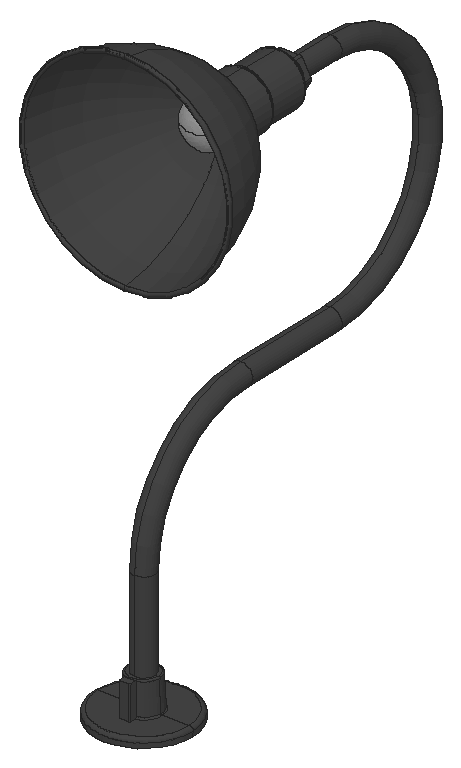
Revit family "BLE-G-DBW-G32-E26", category Lighting Fixtures, host Face, Revit 2022
Family settings
  Host = Face
  Round Connector Dimension = Use Diameter
  Part Type = Normal
  Cut with Voids When Loaded = No
  Light Source = Yes
  Maintain Annotation Orientation = No
  Shared = No
  Room Calculation Point = No
Parameters (values of type "10"")
  Wattage = 5.72229 W
  built-in parameter 1150110 = 1 (stored number, unit not read)
  built-in parameter 1114217 = 1 (stored number, unit not read)
  Tilt Angle = 0.00°
  built-in parameter 1150109 = 1 (stored number, unit not read)
  built-in parameter 1150134 = (empty or 0)
  built-in parameter 1150113 = 1 (stored number, unit not read)
  Gooseneck Material = 100 - Black
  Shade Material = 100 - Black
  Photometric Web File = "generic"
  built-in parameter 1150142 = (empty or 0)
  built-in parameter 1150105 = 67.641 (stored number, unit not read)
  Lumens = 850 lm
  built-in parameter 1150115 = 1 (stored number, unit not read)
  built-in parameter 1150137 = (empty or 0)
  built-in parameter 1150139 = (empty or 0)
  built-in parameter 1150112 = 1 (stored number, unit not read)
  built-in parameter 1150114 = 1 (stored number, unit not read)
  built-in parameter 1150132 = 2
  built-in parameter 1150102 = (empty or 0)
  built-in parameter 1150107 = 3000 (stored number, unit not read)
  built-in parameter 1150138 = (empty or 0)
  built-in parameter 1150106 = 0.67641 (stored number, unit not read)
  built-in parameter 1150104 = 13.8 (stored number, unit not read)
  20" = no
  Dimming Lamp Color Temperature Shift = <None>
  Default Elevation = 4' - 0"
  Color Filter = 16777215
  Base Material = 100 - Black
  built-in parameter 1114218 = 1 (stored number, unit not read)
  built-in parameter 1150133 = 10 (stored number, unit not read)
  16" = no
  14" = no
  12" = no
  10" = yes
Types (6): name | 20" | 16" | 14" | 12" | 10"
  (no name) | no | no | no | no | yes
  12" | no | no | no | yes | no
  14" | no | no | yes | no | no
  16" | no | yes | no | no | no
  10" | no | no | no | no | yes
  20" | yes | no | no | no | no
Reference planes (in)
  plane 1 "Center (Front/Back)": y = 0
  plane 2: z = 0
  plane 3 "Center (Left/Right)": x = 0
Lines and regions (in)
  reference lines
    curve 1: line (0, 32, 0) -> (0, -36, 0)
    curve 2: line (-33.11947, 0, 0) -> (37.88053, 0, 0)
Dimensions and locks (in)
  locked: imposter light to plane 1 "Center (Front/Back)" at 4
  aligned and locked: plane 2 to host face
  aligned and locked: level to host face
  aligned and locked: plane 3 "Center (Left/Right)" to nested 1
  aligned and locked: plane 1 "Center (Front/Back)" to nested 1
  aligned and locked: nested 4 to imposter light
  aligned and locked: imposter light to nested 6  (x2)
  aligned and locked: nested 7 to nested 3
  aligned and locked: imposter light to plane 3 "Center (Left/Right)"
  aligned and locked: plane 1 "Center (Front/Back)" to nested 2
  aligned and locked: imposter light to nested 7
  aligned and locked: nested 3 to plane 3 "Center (Left/Right)"
  aligned and locked: nested 3 to nested 5
  aligned and locked: imposter light to nested 3
Nested families (in)
  nested 1: "WBP-7501" at (0, 0, 0), type "WBP-7501"
  nested 2: "G32" at (0, 0, 1.975), type "GNK-5011"
  nested 3: "DBW Shade" at (0, 7.96401, 23.47354) x (0, 0, -1) z (0, -1, 0), type "DBW Shade"
    with 24" no, 20" no, 16" no, 14" no, 12" no
  nested 4: "103264" at (0, -3.60156, 23.47354) x (0, 0, -1) z (0, -1, 0), type "103264"
    with Heat Sink 9" no
  nested 5: "CPL-0004" at (0, 8.61419, 23.47354) x (1, 0, 0) z (0, -1, 0), type "CPL-0004"
  nested 6: "E26 Socket Assy" at (0, 7.92495, 23.47354) x (0, 0, -1) z (0, -1, 0), type "E26 Socket Assy"
  nested 7: "E26 Bulb" at (0, 5.66996, 23.47354) x (1, 0, 0) z (0, -1, 0), type "E26 Bulb"
Connectors (in)
  electrical at (0, 0, 0)
    settings: index 1, voltage 0 V, apparent load 0 VA, apparent load phase1 0 VA, apparent load phase2 0 VA, apparent load phase3 0 VA, power factor 1, load classification "Other", number of poles 1, system type 31, power factor state 1, is connector primary yes, connector utility no, sub classification motor no, connector description ""
Definition of nested family "WBP-7501"
  Parameters (values of type "WBP-7501")
    Default Elevation = 3' - 0"
    Base Material = none
  Reference planes (in)
    plane 1 "Center (Front/Back)": y = 0
    plane 2: z = 0
    plane 3 "Center (Left/Right)": x = 0
    plane 4 "Base Dia": x = -2.325
    plane 5 "Base Height": z = 0.4
    plane 6 "Fillet Radius": z = 0.225
    plane 7: z = 0.458
    plane 8: x = -0.87
    plane 9: x = -0.81
    plane 10: x = -0.76
    plane 11: z = 1.917
    plane 12: z = 1.975
    plane 13: x = -0.7
    plane 14: x = -0.2595
    plane 15: x = 0.2595
    plane 16: y = -1.135
  Forms (in)
    Extrusion 1, solid
      sketch origin (0, 0, 0) x (1, 0, 0) y (0, 1, 0)
        loop
          line (-48, 48) -> (-48, -48) -> (48, -48) -> (48, 48) -> (-48, 48)
      from 0 to -12
    Revolve 2, solid, material <- "Base Material"
      sketch origin (0, 0, 0) x (1, 0, 0) y (0, 0, 1)
        loop
          line (0, 0) -> (0, 1.975) -> (-0.7, 1.975)
          arc (-0.7, 1.975) -> (-0.74172, 1.95814) -> (-0.76, 1.91702) r 0.06003
          line (-0.76, 1.91702) -> (-0.81, 0.458)
          arc (-0.81, 0.458) -> (-0.82699, 0.41699) -> (-0.868, 0.4) r 0.058
          line (-0.868, 0.4) -> (-2.15, 0.4)
          arc (-2.15, 0.4) -> (-2.27374, 0.34874) -> (-2.325, 0.225) r 0.175
          line (-2.325, 0.225) -> (-2.325, 0) -> (0, 0)
        axis (0, 0) -> (0, 1.975)
      angle from 0 to 360
    Extrusion 3, solid, material <- "Base Material"
      sketch origin (0, 0, 0) x (1, 0, 0) y (0, 1, 0)
        loop
          line (-0.2595, -0.76731) -> (-0.2595, -1.075)
          arc (-0.2595, -1.075) -> (-0.24193, -1.11743) -> (-0.1995, -1.135) r 0.06
          line (-0.1995, -1.135) -> (0.1995, -1.135)
          arc (0.1995, -1.135) -> (0.24193, -1.11743) -> (0.2595, -1.075) r 0.06
          line (0.2595, -1.075) -> (0.2595, -0.76731)
          arc (0.2595, -0.76731) -> (0, -0.81) -> (-0.2595, -0.76731) r 0.81
      from 0 to 1.975
  Cuts and joins
    joined: Revolve 2, Extrusion 3
  Dimensions and locks (in)
    plane 4 "Base Dia" to plane 3 "Center (Left/Right)" = 0' - 2.325"
    locked: plane 5 "Base Height" to Extrusion 1 at 0.4
    locked: plane 3 "Center (Left/Right)" to plane 4 "Base Dia" at 2.325
    locked: plane 5 "Base Height" to plane 6 "Fillet Radius" at 0.175
    locked: plane 3 "Center (Left/Right)" to plane 9 at 0.81
    locked: plane 3 "Center (Left/Right)" to plane 8 at 0.87
    locked: plane 3 "Center (Left/Right)" to plane 10 at 0.76
    locked: plane 3 "Center (Left/Right)" to plane 13 at 0.7
    locked: plane 11 to plane 5 "Base Height" at 1.517
    locked: plane 12 to plane 5 "Base Height" at 1.575
    locked: plane 7 to plane 5 "Base Height" at 0.058
    locked: plane 14 to plane 3 "Center (Left/Right)" at 0.2595
    locked: plane 3 "Center (Left/Right)" to plane 15 at 0.2595
    locked: plane 16 to plane 1 "Center (Front/Back)" at 1.135
    radius of Revolve 2 sketch curve = 0' - 0.175"
    aligned and locked: plane 2 to Extrusion 1
    aligned and locked: level to Extrusion 1
    aligned and locked: Revolve 2 sketch curve to plane 5 "Base Height"
    aligned and locked: plane 9 to Revolve 2 sketch curve
    aligned and locked: plane 3 "Center (Left/Right)" to Revolve 2 sketch curve
    aligned and locked: plane 15 to Extrusion 3 sketch curve
    aligned and locked: Extrusion 3 sketch curve to plane 16
    aligned and locked: Extrusion 3 sketch curve to plane 14
  Automatic sketch dimensions
    Extrusion 1 sketch curve to Extrusion 1 sketch curve = 8' - 0"  (x2)
    Revolve 2 sketch curve to level = 0' - 0"
    Revolve 2 sketch curve to plane 4 "Base Dia" = 0' - 0"
    Revolve 2 sketch curve to plane 7 = 0' - 0"  (x2)
    plane 10 to Revolve 2 sketch curve = 0' - 0"
    Revolve 2 sketch curve to plane 12 = 0' - 0"
    Revolve 2 sketch curve to plane 13 = 0' - 0"
    Revolve 2 sketch curve to plane 3 "Center (Left/Right)" = 0' - 0"
    Revolve 2 sketch curve to Revolve 2 sketch curve = 0' - 0.22742"
    Revolve 2 sketch curve to Revolve 2 sketch curve = 0' - 1.76377"
    plane 1 "Center (Front/Back)" to Extrusion 3 sketch curve = 0' - 0"
    Extrusion 3 sketch curve to plane 3 "Center (Left/Right)" = 0' - 0"
    plane 14 to Extrusion 3 sketch curve = 0' - 0.06"
    Extrusion 3 sketch curve to plane 15 = 0' - 0.06"
    Extrusion 3 sketch curve to Extrusion 3 sketch curve = 0' - 0.30769"
Definition of nested family "G32"
  Parameters (values of type "G32")
    Gooseneck Material = none
    Default Elevation = 2' - 0"
  Reference planes (in)
    plane 1 "Center (Front/Back)": y = 0
    plane 2: z = -0.0015
    plane 3 "Center (Left/Right)": x = 0
    plane 4 "Wood Height": z = -0.0015
    plane 5: z = 21.49854
  Forms (in)
    Extrusion 1, solid
      sketch origin (0, 0, 0) x (1, 0, 0) y (0, 1, 0)
        loop
          line (-48, 48) -> (-48, -48) -> (48, -48) -> (48, 48) -> (-48, 48)
      from -0.0015 to -12
    Sweep 2, solid, material <- "Gooseneck Material"
      path origin (0, 0, 0) x (0, 1, 0) y (0, 0, 1)
        loop
          line (0, -0.0015) -> (0, 4.25066)
          arc (0, 4.25066) -> (1.68352, 8.31504) -> (5.74791, 9.99856) r 5.74791
          line (5.74791, 9.99856) -> (11.00097, 9.99856)
          arc (11.00097, 9.99856) -> (16.75096, 15.74855) -> (11.00097, 21.49854) r 5.74999
          line (11.00097, 21.49854) -> (8.61419, 21.49854)
      profile origin (0, 0, 2.12458) x (0, -1, 0) y (1, 0, 0)
        loop
          circle (0, 0) r 0.52676
  Dimensions and locks (in)
    aligned and locked: plane 2 to Extrusion 1
    aligned and locked: level to Extrusion 1
    aligned and locked: Extrusion 1 to plane 4 "Wood Height"
  Automatic sketch dimensions
    Extrusion 1 sketch curve to Extrusion 1 sketch curve = 8' - 0"  (x2)
    Sweep 2 sketch curve to plane 1 "Center (Front/Back)" = 0' - 0"
    Sweep 2 sketch curve to plane 2 = 0' - 0"
    Sweep 2 sketch curve to plane 1 "Center (Front/Back)" = 0' - 5.74791"
    Sweep 2 sketch curve to plane 1 "Center (Front/Back)" = 0' - 11.00097"
    level to Sweep 2 sketch curve = 0' - 4.25066"
    Sweep 2 sketch curve to Sweep 2 sketch curve = 0' - 5 3/4"
    Sweep 2 sketch curve to Sweep 2 sketch curve = 0' - 2.38678"
    Sweep 2 sketch curve to plane 3 "Center (Left/Right)" = 0' - 0"
    Sweep 2 sketch curve to profile plane = 0' - 0"
    radius of Sweep 2 sketch curve = 0' - 0.52676"
Definition of nested family "DBW Shade"
  Parameters (values of type "DBW Shade")
    Shade Material = none
    Default Elevation = 2' - 0"
    24" = yes
    20" = yes
    10" = yes
    16" = yes
    14" = yes
    12" = yes
  Reference planes (in)
    plane 1 "Center (Front/Back)": y = 0
    plane 2: z = 0
    plane 3 "Center (Left/Right)": x = 0
  Forms (in)
    Extrusion 1, solid
      sketch origin (0, 0, 0) x (1, 0, 0) y (0, 1, 0)
        loop
          line (-48, 48) -> (-48, -48) -> (48, -48) -> (48, 48) -> (-48, 48)
      from 0 to -12
  Dimensions and locks (in)
    aligned and locked: plane 2 to Extrusion 1
    aligned and locked: level to Extrusion 1
    aligned and locked: plane 1 "Center (Front/Back)" to nested 1
    aligned and locked: plane 3 "Center (Left/Right)" to nested 1
    aligned and locked: plane 3 "Center (Left/Right)" to nested 2
    aligned and locked: plane 1 "Center (Front/Back)" to nested 2
    aligned and locked: plane 1 "Center (Front/Back)" to nested 3
    aligned and locked: plane 3 "Center (Left/Right)" to nested 3
    aligned and locked: plane 1 "Center (Front/Back)" to nested 4
    aligned and locked: plane 1 "Center (Front/Back)" to nested 5
    aligned and locked: plane 3 "Center (Left/Right)" to nested 5
    aligned and locked: plane 3 "Center (Left/Right)" to nested 6
    aligned and locked: plane 1 "Center (Front/Back)" to nested 6
    aligned and locked: plane 3 "Center (Left/Right)" to nested 4
  Nested families (in)
    nested 1: "SHD-0028" at (0, 0, 0), visible <- "10"", type "SHD-0028"
    nested 2: "SHD-0029" at (0, 0, 0), visible <- "12"", type "SHD-0029"
    nested 3: "SHD-0114" at (0, 0, 0), visible <- "14"", type "SHD-0114"
    nested 4: "SHD-0115" at (0, 0, 0), visible <- "16"", type "SHD-0115"
    nested 5: "SHD-0308" at (0, 0, 0), visible <- "24"", type "SHD-0308"
    nested 6: "SHD-0223" at (0, 0, 0), visible <- "20"", type "SHD-0223"
  Definition of nested family "SHD-0028"
    Parameters (values of type "SHD-0028")
      Shade Material = none
      Default Elevation = 2' - 0"
    Reference planes (in)
      plane 1 "Center (Front/Back)": y = 0
      plane 2: z = 0
      plane 3 "Center (Left/Right)": x = 0
      plane 4 "Wood Height": z = 0
      plane 5 "Nut Radius": x = -1.03713
      plane 6 "Nut Flat": x = -0.861
      plane 7 "Shade Thickness": z = 0.04
      plane 8 "Lower Shade bottom": z = 9.109
      plane 9 "Lower Shade Outer Dia": x = -5
      plane 10 "Shade Top Dia": x = -1.20713
      plane 11 "Shade Middle Radius Height1": z = 1.965
      plane 12 "Shade Lower Diameter1": x = -1.44113
      plane 13 "Shade Top Radius": x = -1.29713
      plane 14 "Shade Middle Radious Height2": z = 2.105
      plane 15 "Shade Middle Radius Diameter2": x = -1.41363
      plane 16 "Lip Height": z = 9.029
      plane 17 "Bowl Start": z = 3.545
      plane 18: x = -4.85
      plane 19: z = 9.069
    Forms (in)
      Extrusion 1, solid
        sketch origin (0, 0, 0) x (1, 0, 0) y (0, 1, 0)
          loop
            line (-48, 48) -> (-48, -48) -> (48, -48) -> (48, 48) -> (-48, 48)
        from 0 to -12
      Revolve 2, solid, material <- "Shade Material"
        sketch origin (0, 0, 0) x (1, 0, 0) y (0, 0, 1)
          loop
            line (0, 0) -> (0, 0.03906) -> (-1.20713, 0.03906)
            arc (-1.20713, 0.03906) -> (-1.24314, 0.05398) -> (-1.25806, 0.09) r 0.05094
            line (-1.25806, 0.09) -> (-1.25806, 1.94384)
            arc (-1.25806, 1.94384) -> (-1.26409, 1.97759) -> (-1.28141, 2.00717) r 0.09757
            line (-1.28141, 2.00717) -> (-1.37456, 2.11635) -> (-1.37456, 3.48096)
            arc (-1.37456, 3.48096) -> (-1.39014, 3.54099) -> (-1.43295, 3.58588) r 0.12347
            arc (-1.43295, 3.58588) -> (-3.7536, 5.90437) -> (-4.80544, 9.01154) r 7.20294
            arc (-4.80544, 9.01154) -> (-4.99326, 9.04214) -> (-4.84504, 8.9228) r 0.09841
            line (-4.84504, 8.9228) -> (-4.86619, 8.95581)
            arc (-4.86619, 8.95581) -> (-4.95809, 9.02506) -> (-4.84432, 9.00777) r 0.05934
            arc (-4.84432, 9.00777) -> (-3.78678, 5.88375) -> (-1.45354, 3.55268) r 7.242
            arc (-1.45354, 3.55268) -> (-1.42428, 3.522) -> (-1.41363, 3.48096) r 0.0844
            line (-1.41363, 3.48096) -> (-1.41363, 2.13147)
            arc (-1.41363, 2.13147) -> (-1.40868, 2.10377) -> (-1.39446, 2.07949) r 0.08009
            line (-1.39446, 2.07949) -> (-1.31112, 1.98181)
            arc (-1.31112, 1.98181) -> (-1.30074, 1.96408) -> (-1.29713, 1.94384) r 0.0585
            line (-1.29713, 1.94384) -> (-1.29713, 0.09)
            arc (-1.29713, 0.09) -> (-1.27077, 0.02636) -> (-1.20713, 0) r 0.09
            line (-1.20713, 0) -> (0, 0)
          axis (0, 9.01154) -> (0, 0)
        angle from 0 to 360
    Dimensions and locks (in)
      locked: plane 6 "Nut Flat" to plane 3 "Center (Left/Right)" at 0.861
      locked: plane 7 "Shade Thickness" to plane 4 "Wood Height" at 0.04
      locked: plane 3 "Center (Left/Right)" to plane 9 "Lower Shade Outer Dia" at 5
      locked: plane 11 "Shade Middle Radius Height1" to plane 4 "Wood Height" at 1.965
      locked: plane 14 "Shade Middle Radious Height2" to plane 4 "Wood Height" at 2.105
      locked: plane 8 "Lower Shade bottom" to plane 16 "Lip Height" at 0.08
      locked: plane 17 "Bowl Start" to plane 4 "Wood Height" at 3.545
      locked: plane 18 to plane 9 "Lower Shade Outer Dia" at 0.15
      locked: plane 8 "Lower Shade bottom" to plane 19 at 0.04
      locked: plane 8 "Lower Shade bottom" to plane 4 "Wood Height" at 9.109
      aligned and locked: plane 2 to Extrusion 1
      aligned and locked: level to Extrusion 1
      aligned and locked: plane 4 "Wood Height" to Revolve 2 sketch curve
      aligned and locked: plane 10 "Shade Top Dia" to Revolve 2 sketch curve
      aligned and locked: Revolve 2 sketch curve to plane 15 "Shade Middle Radius Diameter2"
      aligned and locked: Revolve 2 sketch curve to plane 13 "Shade Top Radius"
      aligned and locked: Extrusion 1 to plane 4 "Wood Height"
    Automatic sketch dimensions
      Extrusion 1 sketch curve to Extrusion 1 sketch curve = 8' - 0"  (x2)
      Revolve 2 sketch curve to Revolve 2 sketch curve = 0' - 0"  (x12)
      Revolve 2 sketch curve to plane 3 "Center (Left/Right)" = 0' - 0"  (x2)
      plane 18 to Revolve 2 sketch curve = 0' - 0.00496"
      Revolve 2 sketch curve to plane 18 = 0' - 0.01619"
      plane 15 "Shade Middle Radius Diameter2" to Revolve 2 sketch curve = 0' - 0.01916"
      plane 14 "Shade Middle Radious Height2" to Revolve 2 sketch curve = 0' - 0.01135"
      plane 15 "Shade Middle Radius Diameter2" to Revolve 2 sketch curve = 0' - 0 5/128"
      Revolve 2 sketch curve to plane 11 "Shade Middle Radius Height1" = 0' - 0.02116"
      plane 15 "Shade Middle Radius Diameter2" to Revolve 2 sketch curve = 0' - 0.058"
      plane 14 "Shade Middle Radious Height2" to Revolve 2 sketch curve = 0' - 0.02647"
      Revolve 2 sketch curve to plane 13 "Shade Top Radius" = 0' - 0.01572"
      Revolve 2 sketch curve to Revolve 2 sketch curve = 0' - 0 5/128"
      Revolve 2 sketch curve to plane 17 "Bowl Start" = 0' - 0.06404"
      plane 18 to Revolve 2 sketch curve = 0' - 0.00568"
      plane 17 "Bowl Start" to Revolve 2 sketch curve = 0' - 0.15101"
      Revolve 2 sketch curve to Revolve 2 sketch curve = 0' - 2.15863"
      Revolve 2 sketch curve to plane 12 "Shade Lower Diameter1" = 0' - 0.00818"
      Revolve 2 sketch curve to Revolve 2 sketch curve = 0' - 0.03888"  (x2)
      Revolve 2 sketch curve to Revolve 2 sketch curve = 0' - 0.03301"
      Revolve 2 sketch curve to Revolve 2 sketch curve = 0' - 0.02059"
      Revolve 2 sketch curve to Revolve 2 sketch curve = 0' - 0.03319"
  Definition of nested family "SHD-0029"
    Parameters (values of type "SHD-0029")
      Shade Material = none
      Default Elevation = 2' - 0"
    Reference planes (in)
      plane 1 "Center (Front/Back)": y = 0
      plane 2: z = 0
      plane 3 "Center (Left/Right)": x = 0
      plane 4 "Wood Height": z = 0
      plane 5 "Nut Radius": x = -1.03713
      plane 6 "Nut Flat": x = -0.861
      plane 7 "Shade Thickness": z = 0.04
      plane 8 "Shade Top Dia": x = -1.20713
      plane 9 "Shade Middle Radius Height1": z = 1.965
      plane 10 "Shade Lower Diameter1": x = -1.44113
      plane 11 "Shade Top Radius": x = -1.29713
      plane 12 "Shade Middle Radious Height2": z = 2.105
      plane 13 "Shade Middle Radius Diameter2": x = -1.41363
      plane 14 "Bowl Start": z = 3.545
    Forms (in)
      Extrusion 1, solid
        sketch origin (0, 0, 0) x (1, 0, 0) y (0, 1, 0)
          loop
            line (-48, 48) -> (-48, -48) -> (48, -48) -> (48, 48) -> (-48, 48)
        from 0 to -12
      Revolve 2, solid, material <- "Shade Material"
        sketch origin (0, 0, 0) x (1, 0, 0) y (0, 0, 1)
          loop
            line (0, 0) -> (0, 0.03906) -> (-1.20713, 0.03906)
            arc (-1.20713, 0.03906) -> (-1.24314, 0.05398) -> (-1.25806, 0.09) r 0.05094
            line (-1.25806, 0.09) -> (-1.25806, 1.94384)
            arc (-1.25806, 1.94384) -> (-1.26409, 1.97759) -> (-1.28141, 2.00717) r 0.09757
            line (-1.28141, 2.00717) -> (-1.37456, 2.11635) -> (-1.37456, 3.49488)
            arc (-1.37456, 3.49488) -> (-1.3856, 3.54027) -> (-1.41623, 3.57553) r 0.09889
            arc (-1.41623, 3.57553) -> (-4.2546, 6.22323) -> (-5.80711, 9.7808) r 9.56481
            arc (-5.80711, 9.7808) -> (-5.99536, 9.79563) -> (-5.84506, 9.68132) r 0.09841
            line (-5.84506, 9.68132) -> (-5.86621, 9.71432)
            arc (-5.86621, 9.71432) -> (-5.9593, 9.78052) -> (-5.84534, 9.77276) r 0.05934
            arc (-5.84534, 9.77276) -> (-4.28694, 6.2013) -> (-1.43786, 3.54296) r 9.60387
            arc (-1.43786, 3.54296) -> (-1.42003, 3.5218) -> (-1.41363, 3.49488) r 0.05982
            line (-1.41363, 3.49488) -> (-1.41363, 2.13147)
            arc (-1.41363, 2.13147) -> (-1.40868, 2.10377) -> (-1.39446, 2.07949) r 0.08009
            line (-1.39446, 2.07949) -> (-1.31112, 1.98181)
            arc (-1.31112, 1.98181) -> (-1.30074, 1.96408) -> (-1.29713, 1.94384) r 0.0585
            line (-1.29713, 1.94384) -> (-1.29713, 0.09)
            arc (-1.29713, 0.09) -> (-1.27077, 0.02636) -> (-1.20713, 0) r 0.09
            line (-1.20713, 0) -> (0, 0)
          axis (0, 9.7808) -> (0, 0)
        angle from 0 to 360
    Dimensions and locks (in)
      locked: plane 6 "Nut Flat" to plane 3 "Center (Left/Right)" at 0.861
      locked: plane 7 "Shade Thickness" to plane 4 "Wood Height" at 0.04
      locked: plane 9 "Shade Middle Radius Height1" to plane 4 "Wood Height" at 1.965
      locked: plane 12 "Shade Middle Radious Height2" to plane 4 "Wood Height" at 2.105
      locked: plane 14 "Bowl Start" to plane 4 "Wood Height" at 3.545
      aligned and locked: plane 2 to Extrusion 1
      aligned and locked: level to Extrusion 1
      aligned and locked: plane 4 "Wood Height" to Revolve 2 sketch curve
      aligned and locked: plane 8 "Shade Top Dia" to Revolve 2 sketch curve
      aligned and locked: Revolve 2 sketch curve to plane 13 "Shade Middle Radius Diameter2"
      aligned and locked: Revolve 2 sketch curve to plane 11 "Shade Top Radius"
      aligned and locked: Extrusion 1 to plane 4 "Wood Height"
    Automatic sketch dimensions
      Extrusion 1 sketch curve to Extrusion 1 sketch curve = 8' - 0"  (x2)
      Revolve 2 sketch curve to Revolve 2 sketch curve = 0' - 0"  (x15)
      Revolve 2 sketch curve to plane 3 "Center (Left/Right)" = 0' - 0"  (x2)
      plane 10 "Shade Lower Diameter1" to Revolve 2 sketch curve = 0' - 0.03232"
      Revolve 2 sketch curve to Revolve 2 sketch curve = 0' - 0.02115"
      Revolve 2 sketch curve to Revolve 2 sketch curve = 0' - 0.0372"
      plane 13 "Shade Middle Radius Diameter2" to Revolve 2 sketch curve = 0' - 0.01916"
      plane 12 "Shade Middle Radious Height2" to Revolve 2 sketch curve = 0' - 0.01135"
      plane 13 "Shade Middle Radius Diameter2" to Revolve 2 sketch curve = 0' - 0 5/128"
      Revolve 2 sketch curve to plane 9 "Shade Middle Radius Height1" = 0' - 0.02116"
      plane 13 "Shade Middle Radius Diameter2" to Revolve 2 sketch curve = 0' - 0.058"
      plane 12 "Shade Middle Radious Height2" to Revolve 2 sketch curve = 0' - 0.02647"
      Revolve 2 sketch curve to plane 11 "Shade Top Radius" = 0' - 0.01572"
      Revolve 2 sketch curve to Revolve 2 sketch curve = 0' - 0 5/128"
      Revolve 2 sketch curve to plane 14 "Bowl Start" = 0' - 0.05012"
      Revolve 2 sketch curve to Revolve 2 sketch curve = 0' - 0.03301"
      Revolve 2 sketch curve to Revolve 2 sketch curve = 0' - 0.04623"
      Revolve 2 sketch curve to plane 13 "Shade Middle Radius Diameter2" = 0' - 0.00261"
      Revolve 2 sketch curve to plane 14 "Bowl Start" = 0' - 0.00204"
      plane 14 "Bowl Start" to Revolve 2 sketch curve = 0' - 0.15101"
      Revolve 2 sketch curve to Revolve 2 sketch curve = 0' - 2.15863"
      plane 10 "Shade Lower Diameter1" to Revolve 2 sketch curve = 0' - 4.40394"
      plane 3 "Center (Left/Right)" to Revolve 2 sketch curve = 0' - 3.5532"
      plane 14 "Bowl Start" to Revolve 2 sketch curve = 0' - 6.13632"
  Definition of nested family "SHD-0114"
    Parameters (values of type "SHD-0114")
      Shade Material = none
      Default Elevation = 2' - 0"
    Reference planes (in)
      plane 1 "Center (Front/Back)": y = 0
      plane 2: z = 0
      plane 3 "Center (Left/Right)": x = 0
      plane 4 "Wood Height": z = 0
    Forms (in)
      Extrusion 1, solid
        sketch origin (0, 0, 0) x (1, 0, 0) y (0, 1, 0)
          loop
            line (-48, 48) -> (-48, -48) -> (48, -48) -> (48, 48) -> (-48, 48)
        from 0 to -12
      Revolve 2, solid, material <- "Shade Material"
        sketch origin (0, 0, 0) x (1, 0, 0) y (0, 0, 1)
          loop
            line (0, 0) -> (0, 0.03906) -> (-1.45545, 0.03906)
            arc (-1.45545, 0.03906) -> (-1.49164, 0.05405) -> (-1.50663, 0.09025) r 0.05119
            line (-1.50663, 0.09025) -> (-1.50663, 2.07228)
            arc (-1.50663, 2.07228) -> (-1.51325, 2.1034) -> (-1.53194, 2.12913) r 0.0765
            line (-1.53194, 2.12913) -> (-1.59895, 2.18946)
            arc (-1.59895, 2.18946) -> (-1.61737, 2.21483) -> (-1.62389, 2.24549) r 0.07539
            line (-1.62389, 2.24549) -> (-1.62389, 3.76049)
            arc (-1.62389, 3.76049) -> (-1.63985, 3.81863) -> (-1.68326, 3.86047) r 0.11386
            arc (-1.68326, 3.86047) -> (-5.12462, 6.95788) -> (-6.79993, 11.27416) r 9.99002
            arc (-6.79993, 11.27416) -> (-6.99505, 11.29998) -> (-6.84047, 11.17815) r 0.10205
            line (-6.84047, 11.17815) -> (-6.86365, 11.20959)
            arc (-6.86365, 11.20959) -> (-6.95906, 11.28479) -> (-6.83863, 11.26885) r 0.06299
            arc (-6.83863, 11.26885) -> (-5.15677, 6.93569) -> (-1.70196, 3.82617) r 10.02909
            arc (-1.70196, 3.82617) -> (-1.67344, 3.79868) -> (-1.66295, 3.76049) r 0.07479
            line (-1.66295, 3.76049) -> (-1.66295, 2.24549)
            arc (-1.66295, 2.24549) -> (-1.65306, 2.19894) -> (-1.62508, 2.16043) r 0.11445
            line (-1.62508, 2.16043) -> (-1.55808, 2.1001)
            arc (-1.55808, 2.1001) -> (-1.54893, 2.08751) -> (-1.54569, 2.07228) r 0.03743
            line (-1.54569, 2.07228) -> (-1.54569, 0.09025)
            arc (-1.54569, 0.09025) -> (-1.51926, 0.02643) -> (-1.45545, 0) r 0.09025
            line (-1.45545, 0) -> (0, 0)
          axis (0, 11.27416) -> (0, 0)
        angle from 0 to 360
    Dimensions and locks (in)
      aligned and locked: plane 2 to Extrusion 1
      aligned and locked: level to Extrusion 1
      aligned and locked: Extrusion 1 to plane 4 "Wood Height"
    Automatic sketch dimensions
      Extrusion 1 sketch curve to Extrusion 1 sketch curve = 8' - 0"  (x2)
      Revolve 2 sketch curve to Revolve 2 sketch curve = 0' - 0"  (x25)
      Revolve 2 sketch curve to level = 0' - 0"
      Revolve 2 sketch curve to plane 3 "Center (Left/Right)" = 0' - 0"  (x2)
      Revolve 2 sketch curve to Revolve 2 sketch curve = 0' - 0.01239"
      Revolve 2 sketch curve to Revolve 2 sketch curve = 0' - 0.07479"
      Revolve 2 sketch curve to Revolve 2 sketch curve = 0' - 0.02318"
      Revolve 2 sketch curve to Revolve 2 sketch curve = 0' - 0.03738"
      Revolve 2 sketch curve to Revolve 2 sketch curve = 0' - 0.03144"
      Revolve 2 sketch curve to Revolve 2 sketch curve = 0' - 0.0507"
      Revolve 2 sketch curve to Revolve 2 sketch curve = 0' - 0.01869"  (x2)
      Revolve 2 sketch curve to Revolve 2 sketch curve = 0' - 2.15863"
      plane 3 "Center (Left/Right)" to Revolve 2 sketch curve = 0' - 3.09734"
      Revolve 2 sketch curve to Revolve 2 sketch curve = 0' - 0.02614"
      Revolve 2 sketch curve to Revolve 2 sketch curve = 0' - 0 5/128"  (x2)
      Revolve 2 sketch curve to Revolve 2 sketch curve = 0' - 1.45545"
      Revolve 2 sketch curve to Revolve 2 sketch curve = 0' - 0.05119"
      Revolve 2 sketch curve to Revolve 2 sketch curve = 0' - 0.02531"
      Revolve 2 sketch curve to Revolve 2 sketch curve = 0' - 0.01656"
      Revolve 2 sketch curve to Revolve 2 sketch curve = 0' - 0.02505"
      Revolve 2 sketch curve to Revolve 2 sketch curve = 0' - 0.05045"
      Revolve 2 sketch curve to plane 3 "Center (Left/Right)" = 0' - 6.84047"
      Revolve 2 sketch curve to Revolve 2 sketch curve = 0' - 1.98204"
      Revolve 2 sketch curve to Revolve 2 sketch curve = 0' - 1.515"
      Revolve 2 sketch curve to Revolve 2 sketch curve = 0' - 7.41765"
      Revolve 2 sketch curve to Revolve 2 sketch curve = 0' - 0.06448"
  Definition of nested family "SHD-0115"
    Parameters (values of type "SHD-0115")
      Shade Material = none
      Default Elevation = 2' - 0"
    Reference planes (in)
      plane 1 "Center (Front/Back)": y = 0
      plane 2: z = 0
      plane 3 "Center (Left/Right)": x = 0
      plane 4 "Wood Height": z = 0
    Forms (in)
      Extrusion 1, solid
        sketch origin (0, 0, 0) x (1, 0, 0) y (0, 1, 0)
          loop
            line (-48, 48) -> (-48, -48) -> (48, -48) -> (48, 48) -> (-48, 48)
        from 0 to -12
      Revolve 2, solid, material <- "Shade Material"
        sketch origin (0, 0, 0) x (1, 0, 0) y (0, 0, 1)
          loop
            line (0, 0) -> (0, 0.03906) -> (-1.45545, 0.03906)
            arc (-1.45545, 0.03906) -> (-1.49164, 0.05405) -> (-1.50663, 0.09025) r 0.05119
            line (-1.50663, 0.09025) -> (-1.50663, 2.07228)
            arc (-1.50663, 2.07228) -> (-1.51325, 2.1034) -> (-1.53194, 2.12913) r 0.0765
            line (-1.53194, 2.12913) -> (-1.59895, 2.18946)
            arc (-1.59895, 2.18946) -> (-1.61737, 2.21483) -> (-1.62389, 2.24549) r 0.07539
            line (-1.62389, 2.24549) -> (-1.62389, 3.76049)
            arc (-1.62389, 3.76049) -> (-1.64115, 3.82076) -> (-1.6877, 3.86276) r 0.11386
            arc (-1.6877, 3.86276) -> (-5.9143, 7.51176) -> (-7.79992, 12.76759) r 10.98102
            arc (-7.79992, 12.76759) -> (-7.99459, 12.80067) -> (-7.84102, 12.67655) r 0.10205
            line (-7.84102, 12.67655) -> (-7.8642, 12.70799)
            arc (-7.8642, 12.70799) -> (-7.95899, 12.7846) -> (-7.83883, 12.76418) r 0.06299
            arc (-7.83883, 12.76418) -> (-5.94651, 7.48965) -> (-1.70487, 3.82767) r 11.02008
            arc (-1.70487, 3.82767) -> (-1.67429, 3.80009) -> (-1.66295, 3.76049) r 0.07479
            line (-1.66295, 3.76049) -> (-1.66295, 2.24549)
            arc (-1.66295, 2.24549) -> (-1.65306, 2.19894) -> (-1.62508, 2.16043) r 0.11445
            line (-1.62508, 2.16043) -> (-1.55808, 2.1001)
            arc (-1.55808, 2.1001) -> (-1.54893, 2.08751) -> (-1.54569, 2.07228) r 0.03743
            line (-1.54569, 2.07228) -> (-1.54569, 0.09025)
            arc (-1.54569, 0.09025) -> (-1.51926, 0.02643) -> (-1.45545, 0) r 0.09025
            line (-1.45545, 0) -> (0, 0)
          axis (0, 12.76759) -> (0, 0)
        angle from 0 to 360
    Dimensions and locks (in)
      aligned and locked: plane 2 to Extrusion 1
      aligned and locked: level to Extrusion 1
      aligned and locked: Extrusion 1 to plane 4 "Wood Height"
    Automatic sketch dimensions
      Extrusion 1 sketch curve to Extrusion 1 sketch curve = 8' - 0"  (x2)
      Revolve 2 sketch curve to Revolve 2 sketch curve = 0' - 0"  (x16)
      Revolve 2 sketch curve to level = 0' - 0"
      Revolve 2 sketch curve to plane 3 "Center (Left/Right)" = 0' - 0"  (x2)
      Revolve 2 sketch curve to Revolve 2 sketch curve = 0' - 1.45545"
      Revolve 2 sketch curve to plane 3 "Center (Left/Right)" = 0' - 1.50663"
      Revolve 2 sketch curve to Revolve 2 sketch curve = 0' - 0.02531"
      Revolve 2 sketch curve to Revolve 2 sketch curve = 0' - 0 5/128"
      Revolve 2 sketch curve to Revolve 2 sketch curve = 0' - 0.01656"
      Revolve 2 sketch curve to Revolve 2 sketch curve = 0' - 0.01239"
      Revolve 2 sketch curve to Revolve 2 sketch curve = 0' - 0.02505"
      Revolve 2 sketch curve to Revolve 2 sketch curve = 0' - 0.05045"
      Revolve 2 sketch curve to Revolve 2 sketch curve = 0' - 0.02494"
      Revolve 2 sketch curve to Revolve 2 sketch curve = 0' - 0.02614"
      Revolve 2 sketch curve to Revolve 2 sketch curve = 0' - 0.07479"
      Revolve 2 sketch curve to Revolve 2 sketch curve = 0' - 0.02318"
      Revolve 2 sketch curve to Revolve 2 sketch curve = 0' - 0.03738"
      plane 3 "Center (Left/Right)" to Revolve 2 sketch curve = 0' - 3.13919"
      Revolve 2 sketch curve to Revolve 2 sketch curve = 0' - 1.98204"
      Revolve 2 sketch curve to Revolve 2 sketch curve = 0' - 1.515"
      Revolve 2 sketch curve to Revolve 2 sketch curve = 0' - 0.03144"
      Revolve 2 sketch curve to Revolve 2 sketch curve = 0' - 0.0507"
      Revolve 2 sketch curve to Revolve 2 sketch curve = 0' - 1.04947"
      Revolve 2 sketch curve to Revolve 2 sketch curve = 0' - 0.03891"
      Revolve 2 sketch curve to Revolve 2 sketch curve = 0' - 0.06448"
      Revolve 2 sketch curve to Revolve 2 sketch curve = 0' - 2.15863"
  Definition of nested family "SHD-0308"
    Parameters (values of type "SHD-0308")
      Shade Material = none
      Default Elevation = 2' - 0"
    Reference planes (in)
      plane 1 "Center (Front/Back)": y = 0
      plane 2: z = 0
      plane 3 "Center (Left/Right)": x = 0
      plane 4 "Wood Height": z = 0
    Forms (in)
      Extrusion 1, solid
        sketch origin (0, 0, 0) x (1, 0, 0) y (0, 1, 0)
          loop
            line (-48, 48) -> (-48, -48) -> (48, -48) -> (48, 48) -> (-48, 48)
        from 0 to -12
      Revolve 2, solid, material <- "Shade Material"
        sketch origin (0, 0, 0) x (1, 0, 0) y (0, 0, 1)
          loop
            line (0, 0) -> (0, 0.03906) -> (-2.22237, 0.03906)
            arc (-2.22237, 0.03906) -> (-2.2742, 0.06053) -> (-2.29567, 0.11236) r 0.0733
            line (-2.29567, 0.11236) -> (-2.29567, 3.09806)
            arc (-2.29567, 3.09806) -> (-2.30835, 3.16758) -> (-2.34475, 3.22814) r 0.19691
            line (-2.34475, 3.22814) -> (-2.42725, 3.32189)
            arc (-2.42725, 3.32189) -> (-2.46224, 3.38009) -> (-2.47442, 3.4469) r 0.18923
            line (-2.47442, 3.4469) -> (-2.47442, 5.72055)
            arc (-2.47442, 5.72055) -> (-2.4994, 5.80773) -> (-2.56677, 5.86845) r 0.16462
            arc (-2.56677, 5.86845) -> (-9.0535, 11.47959) -> (-11.91654, 19.56448) r 16.76616
            arc (-11.91654, 19.56448) -> (-11.93143, 19.59499) -> (-11.96306, 19.60734) r 0.04667
            line (-11.96306, 19.60734) -> (-12.00319, 19.60734)
            arc (-12.00319, 19.60734) -> (-12.07667, 19.53386) -> (-12.00319, 19.46037) r 0.07348
            line (-12.00319, 19.46037) -> (-11.96309, 19.46037) -> (-11.96309, 19.49944) -> (-12.00319, 19.49944)
            arc (-12.00319, 19.49944) -> (-12.03761, 19.53386) -> (-12.00319, 19.56828) r 0.03442
            line (-12.00319, 19.56828) -> (-11.95604, 19.56828)
            arc (-11.95604, 19.56828) -> (-9.08774, 11.46046) -> (-2.58392, 5.83336) r 16.80523
            arc (-2.58392, 5.83336) -> (-2.53254, 5.78704) -> (-2.51348, 5.72055) r 0.12556
            line (-2.51348, 5.72055) -> (-2.51348, 3.4469)
            arc (-2.51348, 3.4469) -> (-2.49878, 3.3663) -> (-2.45658, 3.29609) r 0.22829
            line (-2.45658, 3.29609) -> (-2.37408, 3.20234)
            arc (-2.37408, 3.20234) -> (-2.34489, 3.15379) -> (-2.33473, 3.09806) r 0.15785
            line (-2.33473, 3.09806) -> (-2.33473, 0.11236)
            arc (-2.33473, 0.11236) -> (-2.30182, 0.03291) -> (-2.22237, 0) r 0.11236
            line (-2.22237, 0) -> (0, 0)
          axis (0, 19.60734) -> (0, 0)
        angle from 0 to 360
    Dimensions and locks (in)
      aligned and locked: plane 2 to Extrusion 1
      aligned and locked: level to Extrusion 1
      aligned and locked: Extrusion 1 to plane 4 "Wood Height"
    Automatic sketch dimensions
      Extrusion 1 sketch curve to Extrusion 1 sketch curve = 8' - 0"  (x2)
      Revolve 2 sketch curve to Revolve 2 sketch curve = 0' - 0"  (x24)
      Revolve 2 sketch curve to level = 0' - 0"
      Revolve 2 sketch curve to plane 3 "Center (Left/Right)" = 0' - 0"  (x2)
      Revolve 2 sketch curve to Revolve 2 sketch curve = 0' - 0.01047"
      Revolve 2 sketch curve to Revolve 2 sketch curve = 0' - 0.01002"
      Revolve 2 sketch curve to Revolve 2 sketch curve = 0' - 0.02933"  (x2)
      Revolve 2 sketch curve to Revolve 2 sketch curve = 0' - 0.04717"
      Revolve 2 sketch curve to Revolve 2 sketch curve = 0' - 0.12556"
      Revolve 2 sketch curve to Revolve 2 sketch curve = 0' - 0.00701"
      Revolve 2 sketch curve to Revolve 2 sketch curve = 0' - 0.00004"
      Revolve 2 sketch curve to Revolve 2 sketch curve = 0' - 0.04013"
      plane 3 "Center (Left/Right)" to Revolve 2 sketch curve = 0' - 4.79372"
      Revolve 2 sketch curve to Revolve 2 sketch curve = 0' - 0 5/128"  (x2)
      Revolve 2 sketch curve to Revolve 2 sketch curve = 0' - 2.9857"
      Revolve 2 sketch curve to Revolve 2 sketch curve = 0' - 2.27365"
      Revolve 2 sketch curve to Revolve 2 sketch curve = 0' - 0.03442"
      Revolve 2 sketch curve to Revolve 2 sketch curve = 0' - 0.00761"
      Revolve 2 sketch curve to Revolve 2 sketch curve = 0' - 0.24911"
      Revolve 2 sketch curve to Revolve 2 sketch curve = 0' - 2.15863"
      Revolve 2 sketch curve to Revolve 2 sketch curve = 0' - 2.22237"
      Revolve 2 sketch curve to plane 3 "Center (Left/Right)" = 0' - 2.28519"
      Revolve 2 sketch curve to plane 3 "Center (Left/Right)" = 0' - 11.95604"
      Revolve 2 sketch curve to Revolve 2 sketch curve = 1' - 1.73983"
      Revolve 2 sketch curve to Revolve 2 sketch curve = 1' - 3.07792"
  Definition of nested family "SHD-0223"
    Parameters (values of type "SHD-0223")
      Shade Material = none
      Default Elevation = 2' - 0"
    Reference planes (in)
      plane 1 "Center (Front/Back)": y = 0
      plane 2: z = 0
      plane 3 "Center (Left/Right)": x = 0
      plane 4 "Wood Height": z = 0
    Forms (in)
      Extrusion 1, solid
        sketch origin (0, 0, 0) x (1, 0, 0) y (0, 1, 0)
          loop
            line (-48, 48) -> (-48, -48) -> (48, -48) -> (48, 48) -> (-48, 48)
        from 0 to -12
      Revolve 2, solid, material <- "Shade Material"
        sketch origin (0, 0, 0) x (1, 0, 0) y (0, 0, 1)
          loop
            line (0, 0) -> (0, 0.03906) -> (-1.8485, 0.03906)
            arc (-1.8485, 0.03906) -> (-1.88896, 0.05582) -> (-1.90572, 0.09628) r 0.05722
            line (-1.90572, 0.09628) -> (-1.90572, 2.57881)
            arc (-1.90572, 2.57881) -> (-1.9168, 2.64011) -> (-1.94865, 2.69364) r 0.17504
            line (-1.94865, 2.69364) -> (-2.01787, 2.77327)
            arc (-2.01787, 2.77327) -> (-2.04498, 2.81883) -> (-2.05441, 2.871) r 0.14898
            line (-2.05441, 2.871) -> (-2.05441, 4.7663)
            arc (-2.05441, 4.7663) -> (-2.07634, 4.84285) -> (-2.13548, 4.89618) r 0.14458
            arc (-2.13548, 4.89618) -> (-7.53748, 9.56968) -> (-9.92412, 16.30223) r 13.97395
            arc (-9.92412, 16.30223) -> (-9.93712, 16.32887) -> (-9.96474, 16.33964) r 0.04076
            line (-9.96474, 16.33964) -> (-10.00281, 16.33964)
            arc (-10.00281, 16.33964) -> (-10.06432, 16.27814) -> (-10.00281, 16.21663) r 0.06151
            line (-10.00281, 16.21663) -> (-9.96563, 16.21663) -> (-9.96563, 16.25569) -> (-10.00281, 16.25569)
            arc (-10.00281, 16.25569) -> (-10.02526, 16.27814) -> (-10.00281, 16.30058) r 0.02244
            line (-10.00281, 16.30058) -> (-9.96317, 16.30058)
            arc (-9.96317, 16.30058) -> (-7.57018, 9.5483) -> (-2.15264, 4.86109) r 14.01301
            arc (-2.15264, 4.86109) -> (-2.10948, 4.82217) -> (-2.09348, 4.7663) r 0.10551
            line (-2.09348, 4.7663) -> (-2.09348, 2.871)
            arc (-2.09348, 2.871) -> (-2.08157, 2.80515) -> (-2.04735, 2.74764) r 0.18804
            line (-2.04735, 2.74764) -> (-1.97814, 2.66801)
            arc (-1.97814, 2.66801) -> (-1.95339, 2.62643) -> (-1.94478, 2.57881) r 0.13598
            line (-1.94478, 2.57881) -> (-1.94478, 0.09628)
            arc (-1.94478, 0.09628) -> (-1.91658, 0.0282) -> (-1.8485, 0) r 0.09628
            line (-1.8485, 0) -> (0, 0)
          axis (0, 16.33964) -> (0, 0)
        angle from 0 to 360
    Dimensions and locks (in)
      aligned and locked: plane 2 to Extrusion 1
      aligned and locked: level to Extrusion 1
      aligned and locked: Extrusion 1 to plane 4 "Wood Height"
    Automatic sketch dimensions
      Extrusion 1 sketch curve to Extrusion 1 sketch curve = 8' - 0"  (x2)
      Revolve 2 sketch curve to Revolve 2 sketch curve = 0' - 0"  (x24)
      Revolve 2 sketch curve to level = 0' - 0"
      Revolve 2 sketch curve to plane 3 "Center (Left/Right)" = 0' - 0"  (x2)
      Revolve 2 sketch curve to Revolve 2 sketch curve = 0' - 0.05722"
      Revolve 2 sketch curve to Revolve 2 sketch curve = 0' - 0.00387"
      Revolve 2 sketch curve to Revolve 2 sketch curve = 0' - 0.02948"  (x2)
      Revolve 2 sketch curve to Revolve 2 sketch curve = 0' - 0.06922"
      Revolve 2 sketch curve to Revolve 2 sketch curve = 0' - 0.10551"
      Revolve 2 sketch curve to Revolve 2 sketch curve = 0' - 0.00156"
      Revolve 2 sketch curve to Revolve 2 sketch curve = 0' - 0.0009"
      Revolve 2 sketch curve to Revolve 2 sketch curve = 0' - 0.03807"
      plane 3 "Center (Left/Right)" to Revolve 2 sketch curve = 0' - 4.00263"
      Revolve 2 sketch curve to Revolve 2 sketch curve = 0' - 0 5/128"  (x2)
      Revolve 2 sketch curve to Revolve 2 sketch curve = 0' - 0.02244"
      Revolve 2 sketch curve to Revolve 2 sketch curve = 0' - 0.0017"
      Revolve 2 sketch curve to Revolve 2 sketch curve = 0' - 2.15863"
      Revolve 2 sketch curve to Revolve 2 sketch curve = 0' - 11.59521"
      Revolve 2 sketch curve to Revolve 2 sketch curve = 0' - 1.8485"
      Revolve 2 sketch curve to Revolve 2 sketch curve = 0' - 0.00028"
      Revolve 2 sketch curve to plane 3 "Center (Left/Right)" = 0' - 9.96317"
      Revolve 2 sketch curve to Revolve 2 sketch curve = 0' - 2.48252"
      Revolve 2 sketch curve to Revolve 2 sketch curve = 0' - 1.89529"
      Revolve 2 sketch curve to Revolve 2 sketch curve = 0' - 11.45033"
      Revolve 2 sketch curve to Revolve 2 sketch curve = 0' - 1.11021"
Definition of nested family "CPL-0004"
  Parameters (values of type "CPL-0004")
    Coupler Material = none
    Default Elevation = 2' - 0"
  Reference planes (in)
    plane 1 "Center (Front/Back)": y = 0
    plane 2: z = 0
    plane 3 "Center (Left/Right)": x = 0
    plane 4 "Wood Height": z = 0
    plane 5: y = 0.875
    plane 6: z = 0.4
  Forms (in)
    Extrusion 1, solid
      sketch origin (0, 0, 0) x (1, 0, 0) y (0, 1, 0)
        loop
          line (-48, 48) -> (-48, -48) -> (48, -48) -> (48, 48) -> (-48, 48)
      from 0 to -12
    Extrusion 2, solid, material <- "Coupler Material"
      sketch origin (0, 0, 0) x (1, 0, 0) y (0, 1, 0)
        loop
          line (-0.54127, 0.8125) -> (-0.97428, 0.0625)
          arc (-0.97428, 0.0625) -> (-0.99103, 0) -> (-0.97428, -0.0625) r 0.125
          line (-0.97428, -0.0625) -> (-0.54127, -0.8125)
          arc (-0.54127, -0.8125) -> (-0.49551, -0.85825) -> (-0.43301, -0.875) r 0.125
          line (-0.43301, -0.875) -> (0.43301, -0.875)
          arc (0.43301, -0.875) -> (0.49551, -0.85825) -> (0.54127, -0.8125) r 0.125
          line (0.54127, -0.8125) -> (0.97428, -0.0625)
          arc (0.97428, -0.0625) -> (0.99103, 0) -> (0.97428, 0.0625) r 0.125
          line (0.97428, 0.0625) -> (0.54127, 0.8125)
          arc (0.54127, 0.8125) -> (0.49551, 0.85825) -> (0.43301, 0.875) r 0.125
          line (0.43301, 0.875) -> (-0.43301, 0.875)
          arc (-0.43301, 0.875) -> (-0.49551, 0.85825) -> (-0.54127, 0.8125) r 0.125
      from 0 to 0.4
    Revolve 3, solid, material <- "Coupler Material"
      sketch origin (0, 0, 0) x (1, 0, 0) y (0, 0, 1)
        loop
          line (0, 0.65018) -> (-1.00921, 0.65018) -> (-1.03665, 0.61971) -> (-1.02973, 0.43008)
          arc (-1.02973, 0.43008) -> (-1.02417, 0.41239) -> (-1.01036, 0.4) r 0.03506
          line (-1.01036, 0.4) -> (0, 0.4) -> (0, 0.65018)
        axis (0, 0.65018) -> (0, 0.4)
      angle from 0 to 360
  Dimensions and locks (in)
    locked: plane 5 to plane 1 "Center (Front/Back)" at 0.875
    locked: plane 6 to Extrusion 1 at 0.4
    aligned and locked: plane 2 to Extrusion 1
    aligned and locked: level to Extrusion 1
    aligned and locked: Extrusion 1 to plane 4 "Wood Height"
    aligned and locked: Revolve 3 sketch curve to plane 3 "Center (Left/Right)"
  Automatic sketch dimensions
    Extrusion 1 sketch curve to Extrusion 1 sketch curve = 8' - 0"  (x2)
    Revolve 3 sketch curve to plane 6 = 0' - 0"
    Revolve 3 sketch curve to plane 3 "Center (Left/Right)" = 0' - 0"
    plane 6 to Revolve 3 sketch curve = 0' - 0.03136"
    Revolve 3 sketch curve to plane 3 "Center (Left/Right)" = 0' - 0.99469"
    plane 6 to Revolve 3 sketch curve = 0' - 0.25018"
    Revolve 3 sketch curve to Revolve 3 sketch curve = 0' - 0.01453"
    Revolve 3 sketch curve to Revolve 3 sketch curve = 0' - 0.01568"
    plane 6 to Revolve 3 sketch curve = 0' - 0.03008"
    plane 6 to Revolve 3 sketch curve = 0' - 0.21971"
    Revolve 3 sketch curve to Revolve 3 sketch curve = 0' - 0.02744"
    Revolve 3 sketch curve to level = 0' - 0.16839"
    Revolve 3 sketch curve to Revolve 3 sketch curve = 0' - 0.1618"
    plane 1 "Center (Front/Back)" to Extrusion 2 sketch curve = 0' - 0"  (x2)
    Extrusion 2 sketch curve to plane 5 = 0' - 0"
    Extrusion 2 sketch curve to plane 1 "Center (Front/Back)" = 0' - 0 1/16"  (x2)
    plane 1 "Center (Front/Back)" to Extrusion 2 sketch curve = 0' - 0 1/16"  (x2)
    Extrusion 2 sketch curve to Extrusion 2 sketch curve = 0' - 0.10825"  (x4)
    Extrusion 2 sketch curve to plane 3 "Center (Left/Right)" = 0' - 0.54127"
    Extrusion 2 sketch curve to plane 5 = 0' - 0 1/16"  (x2)
    plane 3 "Center (Left/Right)" to Extrusion 2 sketch curve = 0' - 0.43301"  (x2)
Definition of nested family "E26 Socket Assy"
  Parameters (values of type "E26 Socket Assy")
    Shade Material = none
    Default Elevation = 2' - 0"
  Reference planes (in)
    plane 1 "Center (Front/Back)": y = 0
    plane 2: z = 0
    plane 3 "Center (Left/Right)": x = 0
    plane 4 "Wood Height": z = 0
  Forms (in)
    Extrusion 1, solid
      sketch origin (0, 0, 0) x (1, 0, 0) y (0, 1, 0)
        loop
          line (-48, 48) -> (-48, -48) -> (48, -48) -> (48, 48) -> (-48, 48)
      from 0 to -12
    Revolve 2, solid
      sketch origin (0, 0, 0) x (1, 0, 0) y (0, 0, 1)
        loop
          line (0, 0) -> (0, 2.155) -> (-0.57839, 2.155) -> (-0.67838, 2.25499) -> (-0.71769, 2.25499)
          arc (-0.71769, 2.25499) -> (-0.75193, 2.2408) -> (-0.76611, 2.20657) r 0.04842
          line (-0.76611, 2.20657) -> (-0.76611, 0.37999) -> (-1, 0.37999) -> (-0.98772, 0.02838)
          arc (-0.98772, 0.02838) -> (-0.97876, 0.00825) -> (-0.95833, 0) r 0.02941
          line (-0.95833, 0) -> (0, 0)
        axis (0, 2.25499) -> (0, 0)
      angle from 0 to 360
  Dimensions and locks (in)
    aligned and locked: plane 2 to Extrusion 1
    aligned and locked: level to Extrusion 1
    aligned and locked: Extrusion 1 to plane 4 "Wood Height"
    aligned and locked: Revolve 2 sketch curve to plane 3 "Center (Left/Right)"
  Automatic sketch dimensions
    Extrusion 1 sketch curve to Extrusion 1 sketch curve = 8' - 0"  (x2)
    Revolve 2 sketch curve to level = 0' - 0"
    Revolve 2 sketch curve to plane 3 "Center (Left/Right)" = 0' - 0"
    Revolve 2 sketch curve to plane 3 "Center (Left/Right)" = 0' - 0.67838"
    Revolve 2 sketch curve to Revolve 2 sketch curve = 0' - 0.03931"
    level to Revolve 2 sketch curve = 0' - 0.37999"
    Revolve 2 sketch curve to plane 3 "Center (Left/Right)" = 0' - 0.76611"
    level to Revolve 2 sketch curve = 0' - 0.02941"
    Revolve 2 sketch curve to Revolve 2 sketch curve = 0' - 0.19222"
    level to Revolve 2 sketch curve = 0' - 0.02838"
    Revolve 2 sketch curve to Revolve 2 sketch curve = 0' - 1.77502"
    Revolve 2 sketch curve to Revolve 2 sketch curve = 0' - 0.05156"
    Revolve 2 sketch curve to Revolve 2 sketch curve = 0' - 0.09998"
    Revolve 2 sketch curve to Revolve 2 sketch curve = 0' - 0.48108"
    Revolve 2 sketch curve to Revolve 2 sketch curve = 0' - 0.69024"
Definition of nested family "E26 Bulb"
  Parameters (values of type "E26 Bulb")
    Bulb Base Material = none
    Default Elevation = 2' - 0"
    Bulb Material = none
  Reference planes (in)
    plane 1 "Center (Front/Back)": y = 0
    plane 2: z = 0
    plane 3 "Center (Left/Right)": x = 0
  Forms (in)
    Extrusion 1, solid
      sketch origin (0, 0, -12.73852) x (1, 0, 0) y (0, 1, 0)
        loop
          line (-48, 48) -> (-48, -48) -> (48, -48) -> (48, 48) -> (-48, 48)
      from 12.73852 to 2.73852
    Revolve 2, solid, material <- "Bulb Material"
      sketch origin (0, 0, 0) x (1, 0, 0) y (0, 0, 1)
        loop
          line (0.6495, 0.207) -> (0.68866, 0.449)
          arc (0.68866, 0.449) -> (0.75312, 0.6845) -> (0.866, 0.901) r 1.14598
          line (0.866, 0.901) -> (0.9845, 1.079)
          arc (0.9845, 1.079) -> (1.04207, 2.29114) -> (0, 2.913) r 1.17993
          line (0, 2.913) -> (0, 2.87394)
          arc (0, 2.87394) -> (1.00763, 2.2727) -> (0.95199, 1.10065) r 1.14086
          line (0.95199, 1.10065) -> (0.83348, 0.92265)
          arc (0.83348, 0.92265) -> (0.71675, 0.69877) -> (0.6501, 0.45524) r 1.18505
          line (0.6501, 0.45524) -> (0.61095, 0.21328)
          arc (0.61095, 0.21328) -> (0.57321, 0.11471) -> (0.49962, 0.03904) r 0.2619
          line (0.49962, 0.03904) -> (0, 0.03904) -> (0, -0.00002) -> (0.51117, -0.00002)
          arc (0.51117, -0.00002) -> (0.60275, 0.08852) -> (0.6495, 0.207) r 0.30097
        axis (0, 2.913) -> (0, -0.00002)
      angle from 0 to 360
  Dimensions and locks (in)
    aligned and locked: plane 2 to Extrusion 1
    aligned and locked: plane 3 "Center (Left/Right)" to Revolve 2 sketch curve
    aligned and locked: Revolve 2 sketch curve to plane 3 "Center (Left/Right)"
  Automatic sketch dimensions
    Extrusion 1 sketch curve to Extrusion 1 sketch curve = 8' - 0"  (x2)
    Revolve 2 sketch curve to Revolve 2 sketch curve = 0' - 0"  (x7)
    Revolve 2 sketch curve to plane 3 "Center (Left/Right)" = 0' - 0"
    plane 3 "Center (Left/Right)" to Revolve 2 sketch curve = 0' - 0.00246"
    Revolve 2 sketch curve to level = 0' - 0"
    Revolve 2 sketch curve to Revolve 2 sketch curve = 0' - 0.03252"
    Revolve 2 sketch curve to Revolve 2 sketch curve = 0' - 0.45527"
    Revolve 2 sketch curve to Revolve 2 sketch curve = 0' - 3.34544"
    Revolve 2 sketch curve to Revolve 2 sketch curve = 0' - 0.25844"
    plane 3 "Center (Left/Right)" to Revolve 2 sketch curve = 0' - 0.3525"
    level to Revolve 2 sketch curve = 0' - 0 5/128"
    Revolve 2 sketch curve to Revolve 2 sketch curve = 0' - 0.11133"
    Revolve 2 sketch curve to Revolve 2 sketch curve = 0' - 0.01155"
    level to Revolve 2 sketch curve = 0' - 0.207"
    Revolve 2 sketch curve to Revolve 2 sketch curve = 0' - 0.03855"
    Revolve 2 sketch curve to Revolve 2 sketch curve = 0' - 0.03915"
    level to Revolve 2 sketch curve = 0' - 0.449"
    Revolve 2 sketch curve to Revolve 2 sketch curve = 0' - 0.03856"
    Revolve 2 sketch curve to Revolve 2 sketch curve = 0' - 0.14482"
    Revolve 2 sketch curve to Revolve 2 sketch curve = 0' - 0.1185"
    Revolve 2 sketch curve to Revolve 2 sketch curve = 0' - 0.03251"
    level to Revolve 2 sketch curve = 0' - 0.26594"
    Revolve 2 sketch curve to Revolve 2 sketch curve = 0' - 0.00624"
    Revolve 2 sketch curve to Revolve 2 sketch curve = 0' - 0.02165"
    Revolve 2 sketch curve to Revolve 2 sketch curve = 0' - 0.63243"
Definition of nested family "103264"
  Parameters (values of type "103264")
    Heat Sink 9" = yes
    Default Elevation = 2' - 0"
  Reference planes (in)
    plane 1 "Center (Front/Back)": y = 0
    plane 2: z = 0
    plane 3 "Center (Left/Right)": x = 0
  Forms (in)
    Extrusion 1, solid
      sketch origin (0, 0, 0) x (1, 0, 0) y (0, 1, 0)
        loop
          line (-48, 48) -> (-48, -48) -> (48, -48) -> (48, 48) -> (-48, 48)
      from 0 to -12
    Revolve 2, solid, visible <- "Heat Sink 9""
      sketch origin (0, 0, 0) x (1, 0, 0) y (0, 0, 1)
        loop
          line (0, 0) -> (0, 0.62434) -> (-1.30334, 0.62434)
          arc (-1.30334, 0.62434) -> (-1.32437, 0.63289) -> (-1.33347, 0.65368) r 0.03013
          line (-1.33347, 0.65368) -> (-1.34912, 1.25004) -> (-1.62392, 1.25004) -> (-1.62392, 0.90054) -> (-1.81218, 0.90054)
          arc (-1.81218, 0.90054) -> (-2.04769, 0.40262) -> (-2.55995, 0.20019) r 0.74937
          line (-2.55995, 0.20019) -> (-4.45232, 0.20019)
          arc (-4.45232, 0.20019) -> (-4.48531, 0.18703) -> (-4.50018, 0.15477) r 0.04793
          line (-4.50018, 0.15477) -> (-4.50191, 0.12184) -> (-4.39187, 0.01181)
          arc (-4.39187, 0.01181) -> (-4.3788, 0.00307) -> (-4.36337, 0) r 0.04031
          line (-4.36337, 0) -> (0, 0)
        axis (0, 1.25004) -> (0, 0)
      angle from 0 to 360
  Dimensions and locks (in)
    aligned and locked: plane 2 to Extrusion 1
    aligned and locked: level to Extrusion 1
    aligned and locked: Revolve 2 sketch curve to plane 3 "Center (Left/Right)"
  Automatic sketch dimensions
    Extrusion 1 sketch curve to Extrusion 1 sketch curve = 8' - 0"  (x2)
    Revolve 2 sketch curve to level = 0' - 0"
    Revolve 2 sketch curve to plane 3 "Center (Left/Right)" = 0' - 0"
    level to Revolve 2 sketch curve = 0' - 0.62434"
    Revolve 2 sketch curve to plane 3 "Center (Left/Right)" = 0' - 1.30334"
    Revolve 2 sketch curve to Revolve 2 sketch curve = 0' - 0.03012"
    Revolve 2 sketch curve to Revolve 2 sketch curve = 0' - 0.29046"
    Revolve 2 sketch curve to Revolve 2 sketch curve = 0' - 0.18826"
    level to Revolve 2 sketch curve = 0' - 0.20019"
    Revolve 2 sketch curve to Revolve 2 sketch curve = 0' - 0.74777"
    Revolve 2 sketch curve to Revolve 2 sketch curve = 0' - 1.80342"
    level to Revolve 2 sketch curve = 0' - 0.01181"
    Revolve 2 sketch curve to Revolve 2 sketch curve = 0' - 0.0285"
    Revolve 2 sketch curve to Revolve 2 sketch curve = 0' - 0.08895"
    level to Revolve 2 sketch curve = 0' - 0.15477"
    Revolve 2 sketch curve to Revolve 2 sketch curve = 0' - 0.04786"
    Revolve 2 sketch curve to Revolve 2 sketch curve = 0' - 0.24686"
    Revolve 2 sketch curve to Revolve 2 sketch curve = 0' - 0.3495"
    Revolve 2 sketch curve to Revolve 2 sketch curve = 0' - 0.27481"
    Revolve 2 sketch curve to level = 0' - 1.22145"
    Revolve 2 sketch curve to Revolve 2 sketch curve = 0' - 1.65421"
